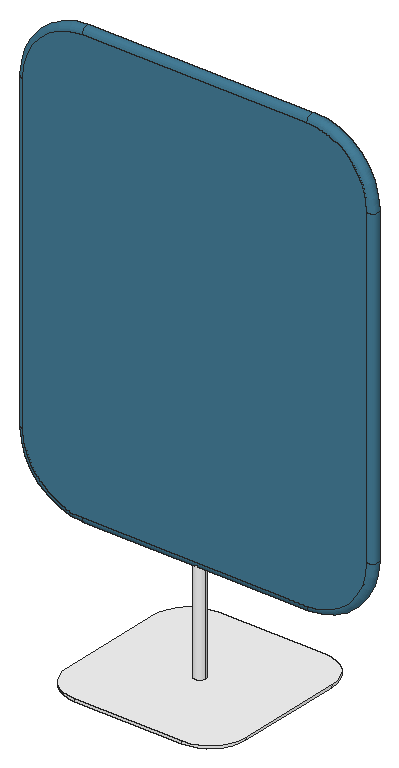
Revit family "FV-418", category Мебель, Revit 2017
Family settings
  На основе рабочей плоскости = Нет
  Всегда вертикально = Да
  При загрузке вырезать с полостями = Нет
  Общий = Нет
  Точка расчета площади = Нет
Parameters
  URL = "http://file-system.ru/catalog/zdaniya_i_sooruzheniya/interer/mebel/my_fv_418_skandiform_ekran_dlya_mebeli/"
  Комментарии к типоразмеру = "Created by Astacus AB"
  Stand Material = White Lacquer
  Screen Material = Ocean Blue
  Группа модели = "FV-418"
  Изготовитель = "Skandiform AB"
  Ключевая пометка = "XBF.4"
Reference planes
  plane 1 "Center (Front/Back)": y = 0
  plane 2: z = 0
  plane 3 "Center (Left/Right)": x = 0
Forms (mm)
  Extrusion 1, solid, material "Ocean Blue" <- "Screen Material"
    sketch origin (0, 0, 0) x (1, 0, 0) y (0, 0, 1)
      loop
        arc (-252.29, 1201.21) -> (-339.08, 1165.26) -> (-375.03, 1078.47) r 122.74
        line (-375.03, 1078.47) -> (-375.03, 373.924)
        arc (-375.03, 373.924) -> (-339.059, 287.081) -> (-252.216, 251.11) r 122.814
        line (-252.216, 251.11) -> (252.16, 251.11)
        arc (252.16, 251.11) -> (339.014, 287.086) -> (374.99, 373.94) r 122.83
        line (374.99, 373.94) -> (374.99, 1077.645)
        arc (374.99, 1077.645) -> (338.799, 1165.019) -> (251.425, 1201.21) r 123.565
        line (251.425, 1201.21) -> (-252.29, 1201.21)
    from -13.5 to 13.5
  Sweep 2, solid, material "Ocean Blue" <- "Screen Material"
    path in 3D
      loop
        arc (-375.03, 13.5, 1078.47) -> (-339.08, 13.5, 1165.26) -> (-252.29, 13.5, 1201.21) r 122.74
        line (-252.29, 13.5, 1201.21) -> (251.425, 13.5, 1201.21)
        arc (251.425, 13.5, 1201.21) -> (338.799, 13.5, 1165.019) -> (374.99, 13.5, 1077.645) r 123.565
        line (374.99, 13.5, 1077.645) -> (374.99, 13.5, 373.94)
        arc (374.99, 13.5, 373.94) -> (339.014, 13.5, 287.086) -> (252.16, 13.5, 251.11) r 122.83
        line (252.16, 13.5, 251.11) -> (-252.216, 13.5, 251.11)
        arc (-252.216, 13.5, 251.11) -> (-339.059, 13.5, 287.081) -> (-375.03, 13.5, 373.924) r 122.814
        line (-375.03, 13.5, 373.924) -> (-375.03, 13.5, 1078.47)
    profile origin (-375.03, 13.5, 726.197) x (0, 1, 0) y (-1, 0, 0)
      loop
        line (0, 0) -> (0, 10.917)
        arc (0, 10.917) -> (-13.5, 24.417) -> (-27, 10.917) r 13.5
        line (-27, 10.917) -> (-27, 0) -> (0, 0)
  Extrusion 3, solid, material "White Lacquer" <- "Stand Material"
    sketch origin (0, 0, 0) x (1, 0, 0) y (0, 1, 0)
      loop
        arc (-120, 200) -> (-176.569, 176.569) -> (-200, 120) r 80
        line (-200, 120) -> (-200, -120)
        arc (-200, -120) -> (-176.569, -176.569) -> (-120, -200) r 80
        line (-120, -200) -> (120, -200)
        arc (120, -200) -> (176.569, -176.569) -> (200, -120) r 80
        line (200, -120) -> (200, 120)
        arc (200, 120) -> (176.569, 176.569) -> (120, 200) r 80
        line (120, 200) -> (-120, 200)
    from 5 to 0
  Extrusion 4, solid, material "White Lacquer" <- "Stand Material"
    sketch origin (0, 0, 0) x (1, 0, 0) y (0, 1, 0)
      loop
        circle (0.029, 0) r 12.5
    from 5 to 234.626
  Revolve 5, solid, material "White Lacquer" <- "Stand Material"
    sketch origin (0, 0, 0) x (1, 0, 0) y (0, 0, 1)
      loop
        line (0.271, 6.02) -> (0.271, 10) -> (-10.047, 10) -> (-10.047, 6.02) -> (0.271, 6.02)
      axis (0.271, 10) -> (0.271, 6.02)
    angle from 0 to 360
Cuts and joins
  joined: Extrusion 1, Sweep 2
Lines and regions (mm)
  Masking region 1
    outline origin (0, 0, 0) x (1, 0, 0) y (0, 1, 0)
      loop
        line (120, 200) -> (-120, 200)
        arc (-120, 200) -> (-176.569, 176.569) -> (-200, 120) r 80
        line (-200, 120) -> (-200, 13.5) -> (-385.924, 13.5)
        arc (-385.924, 13.5) -> (-399.424, 0) -> (-385.924, -13.5) r 13.5
        line (-385.924, -13.5) -> (-200, -13.5) -> (-200, -120)
        arc (-200, -120) -> (-176.569, -176.569) -> (-120, -200) r 80
        line (-120, -200) -> (117.492, -200)
        arc (117.492, -200) -> (174.954, -176.716) -> (200, -120) r 82.547
        line (200, -120) -> (200, -13.5) -> (385.924, -13.5)
        arc (385.924, -13.5) -> (399.424, 0) -> (385.924, 13.5) r 13.5
        line (385.924, 13.5) -> (200, 13.5) -> (200, 120)
        arc (200, 120) -> (176.569, 176.569) -> (120, 200) r 80
  sketch lines
    curve 1: line (-375.03, 13.5, 373.924) -> (-375.03, 13.5, 1078.47)
    curve 2: arc (-252.29, 13.5, 1201.21) -> (-339.08, 13.5, 1165.26) -> (-375.03, 13.5, 1078.47) r 122.74
    curve 3: line (-252.29, 13.5, 1201.21) -> (251.425, 13.5, 1201.21)
    curve 4: arc (374.99, 13.5, 1077.645) -> (338.799, 13.5, 1165.019) -> (251.425, 13.5, 1201.21) r 123.565
    curve 5: line (374.99, 13.5, 1077.645) -> (374.99, 13.5, 373.94)
    curve 6: arc (252.16, 13.5, 251.11) -> (339.014, 13.5, 287.086) -> (374.99, 13.5, 373.94) r 122.83
    curve 7: line (252.16, 13.5, 251.11) -> (-252.216, 13.5, 251.11)
    curve 8: arc (-375.03, 13.5, 373.924) -> (-339.059, 13.5, 287.081) -> (-252.216, 13.5, 251.11) r 122.814
  symbolic lines
    curve 9: line (-200, 13.5, 0) -> (200, 13.5, 0)
    curve 10: line (200, -13.5, 0) -> (-200, -13.5, 0)
Dimensions and locks
  aligned and locked: level to plane 2
